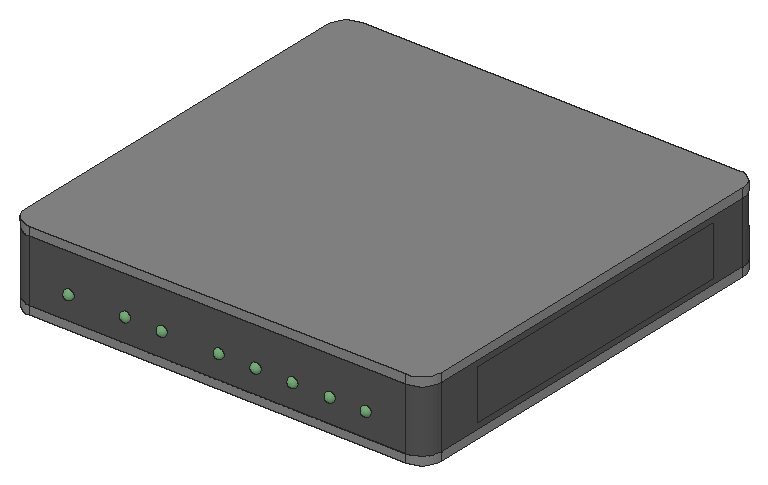
Revit family "Electronics_Expanders_Biamp_Tesira_TesiraCONNECT_Room-Connection-Device_TC___", category Communication Devices, host Face, Revit 2020
Family settings
  Host = Face
  Maintain Annotation Orientation = No
  Round Connector Dimension = Use Diameter
  Part Type = Normal
  OmniClass Number = 23.85.10.14
  OmniClass Title = Visual Information Systems
  Cut with Voids When Loaded = No
  Shared = No
  Room Calculation Point = No
Parameters (values of type "TC-5")
  Width = 0' - 5.7874"
  Weight = 1.50 lbf  # constant formula
  Voltage = 120 V
  URL = "https://www.biamp.com/"
  Temperature Range = "32 - 104° F (0 – 40° C)"  # constant formula
  Rotation [instance] = if(Nominal RMX 100 Rack Shelf, 90.00°, 0.00°)  # 0.00°
  RMX 100 Rack Shelf = RMX 100 Rack Shelf : RMX 100 Rack Shelf
  Product data url = "https://www.bimobject.com/biamp/product/tesiraconnect-tc-5_expander"
  Product Page URL = "https://www.biamp.com/products/tesira-expanders#tesiraconnect-tc-5"
  Product Documentation Link = "https://downloads.biamp.com/assets/docs/default-source/data-sheets/biamp_data_sheet_tesiraconnect_tc-5.pdf"
  Power Factor = 1
  Plenum Box 12x12 = Plenum Box 12x12 : Plenum Box 12x12
  Offset Tesira [instance] = if(Nominal Plenum Box 12x12, 0' 2 33/64", if(Nominal RMX 100 Rack Shelf, 0' 0 67/256", 0' 0"))  # 0' - 0"
  Offset RMX 2 [instance] = if(Nominal RMX 100 Rack Shelf, 0' 4 21/256" + 0' 4 25/32", 0' 0")  # 0' - 0"
  Offset RMX 1 [instance] = if(Nominal RMX 100 Rack Shelf, 0' 4 25/32", 0' 0")  # 0' - 0"
  Number of Poles = 1  # constant formula
  Nominal RMX 100 Rack Shelf [instance] = Mount Type = RMX 100 Rack Shelf  # no
  Nominal Plenum Box 12x12 [instance] = Mount Type = Plenum Box 12x12  # no
  Nominal No mount [instance] = Mount Type = No mount  # yes
  No mount = No mount : No mount
  Mount Type [instance] = No mount : No mount
  Model = "TesiraCONNECT - TC-5"
  Maximum Number of Supported Endpoints = "13"  # constant formula
  Maximum Number of Dante Channels = "n/a"
  Maximum Number of AVB Streams = "150"  # constant formula
  Maximum Daisychain Device Count = "4"  # constant formula
  Max Power Consumption = 132 W
  Manufacturer = "Biamp"  # constant formula
  Indicators - Rear Panel (per port) = "Link, Activity"  # constant formula
  Indicators - Front Panel = "Power, Device Status, Fault, Port Status (per port)"  # constant formula
  Humidity = "0-95% relative humidity (non-condensing)\r"  # constant formula
  Housing Material = Biamp - Plastic - Dark Gray
  Height = 0' - 1.10236"
  Device not visible in Box [instance] = if(Mount Type = No mount, Mount Type = No mount, Mount Type = RMX 100 Rack Shelf)  # yes
  Device = TesiraCONNECT_TC : TC-5
  Description = "TesiraCONNECT™ TC-5 Room Connection Device"
  Depth = 0' - 5.7874"
  Default Elevation = 4' - 0"
  Cooling = "Convection"  # constant formula
  Connector Description = "100-240VAC 50/60Hz"  # constant formula
  Connections - Supported IEEE Protocols = "802.1, 802.1at, 802.1w, 802.1AS, 802.1BA, 802.1Qav, 802.3ab, 802.3af, 803.3u"  # constant formula
  Connections - Supported Connection Speeds = "100Mbps, 1Gbps"  # constant formula
  Connections - Number of Ports = "5"  # constant formula
  Connections - Number of PoE+ Powered Ports = "4"  # constant formula
  Connections - Connector Type = "RJ-45"  # constant formula
  Compliance = "FCC Part 15B (USA) UL and C-UL listed (USA and Canada) CE Marked (Europe) RoHS Directive (Europe) Evaluated to the requirements of UL 2043 and is suitable for use in air handling spaces"  # constant formula
  Apparent Load = Max Power Consumption / Power Factor  # 132 VA
  Altitude = "0-6,600 ft (0-2000m) MSL"  # constant formula
Types (2): name | Product data url | Product Page URL | Product Documentation Link | Model | Maximum Number of Dante Channels | Device | Description
  TC-5 | "https://www.bimobject.com/biamp/product/tesiraconnect-tc-5_expander" | "https://www.biamp.com/products/tesira-expanders#tesiraconnect-tc-5" | "https://downloads.biamp.com/assets/docs/default-source/data-sheets/biamp_data_sheet_tesiraconnect_tc-5.pdf" | "TesiraCONNECT - TC-5" | "n/a" | TesiraCONNECT_TC : TC-5 | "TesiraCONNECT™ TC-5 Room Connection Device"
  TC-5D | "https://www.bimobject.com/biamp/product/tesiraconnect-tc-5d_expander" | "https://www.biamp.com/products/tesira-expanders#tesiraconnect-tc-5d" | "https://downloads.biamp.com/assets/docs/default-source/data-sheets/biamp_data_sheet_tesiraconnect_tc-5d.pdf" | "TesiraCONNECT - TC-5D" | "32x32" | TesiraCONNECT_TC : TC-5D | "TesiraCONNECT™ TC-5D Room Connection Device with Dante™"
Reference planes (in)
  plane 1 "Center (Front/Back)": y = 0
  plane 2: z = 0
  plane 3 "Center (Left/Right)": x = 0
  plane 4: x = -2.8937
  plane 5: x = 2.8937
  plane 6: y = 2.8937
  plane 7: y = -2.8937
  plane 8: z = 0.98425
  plane 9: z = 1.10236
  plane 10: y = 2.11387
  plane 11: y = -2.01396
  plane 12: z = 0
  plane 13: z = 1.13962
  plane 14: z = 0
Lines and regions (in)
  reference lines
    curve 1: line (-2.07082, 2.8937, 0) -> (-2.07082, 0.3937, 0)
Dimensions and locks (in)
  equal spacing: plane 4, plane 3 "Center (Left/Right)", plane 5
  "Depth": plane 4 to plane 5
  equal spacing: plane 6, plane 1 "Center (Front/Back)", plane 7
  "Width": plane 6 to plane 7
  "Height": plane 9 to plane 12
  locked: plane 9 to plane 8 at 0.11811
  "Offset Tesira": plane 12 to level
  "Offset RMX 2": plane 3 "Center (Left/Right)" to nested 2
  "Offset RMX 1": plane 3 "Center (Left/Right)" to nested 1
  "Rotation": angle curve 1 to plane 14
  aligned and locked: plane 2 to host face
  aligned and locked: level to host face
  aligned and locked: plane 14 to curve 1
  aligned and locked: plane 6 to curve 1
Automatic sketch dimensions
  host sketch curve to host sketch curve = 6' - 10.31852"
  host sketch curve to host sketch curve = 6' - 10.41867"
Nested families (in)
  nested 1: "TesiraCONNECT_TC" at (0, 0.00245, 0), Offset <- "Offset Tesira", type <- "Device", visible <- "Device not visible in Box", type "TC-5"
    with Offset 0' - 0"
  nested 2: "No mount" at (0, -2.65246, 0) x (-1, 0, 0) z (0, 0, 1), type <- "Mount Type", type "No mount"
Connectors (in)
  electrical at (1.99332, 2.89616, 0.56704)
    settings: on nested 1, index 1, voltage 0 V, apparent load 0 VA, apparent load phase1 0 VA, apparent load phase2 0 VA, apparent load phase3 0 VA, power factor 1, load classification "Other", number of poles 1, system type 5, power factor state 1, is connector primary yes, connector utility no, sub classification motor no, connector description "RJ-45"
  electrical at (0.97969, 2.89616, 0.57455)
    settings: on nested 1, index 2, voltage 0 V, apparent load 0 VA, apparent load phase1 0 VA, apparent load phase2 0 VA, apparent load phase3 0 VA, power factor 1, load classification "Other", number of poles 1, system type 5, power factor state 1, is connector primary no, connector utility no, sub classification motor no, connector description "RJ-45; PoE+ 2"
  electrical at (0.35784, 2.89616, 0.57455)
    settings: on nested 1, index 3, voltage 0 V, apparent load 0 VA, apparent load phase1 0 VA, apparent load phase2 0 VA, apparent load phase3 0 VA, power factor 1, load classification "Other", number of poles 1, system type 5, power factor state 1, is connector primary no, connector utility no, sub classification motor no, connector description "RJ-45; PoE+ 3"
  electrical at (-0.26216, 2.89616, 0.57455)
    settings: on nested 1, index 4, voltage 0 V, apparent load 0 VA, apparent load phase1 0 VA, apparent load phase2 0 VA, apparent load phase3 0 VA, power factor 1, load classification "Other", number of poles 1, system type 5, power factor state 1, is connector primary no, connector utility no, sub classification motor no, connector description "RJ-45; PoE+ 4"
  electrical at (-0.88426, 2.89616, 0.57455)
    settings: on nested 1, index 5, voltage 0 V, apparent load 0 VA, apparent load phase1 0 VA, apparent load phase2 0 VA, apparent load phase3 0 VA, power factor 1, load classification "Other", number of poles 1, system type 5, power factor state 1, is connector primary no, connector utility no, sub classification motor no, connector description "RJ-45; PoE+ 5"
  electrical at (-2.10951, 2.89616, 0.62844)
    settings: on nested 1, index 6, voltage 0 V, apparent load 0 VA, apparent load phase1 0 VA, apparent load phase2 0 VA, apparent load phase3 0 VA, power factor 1, load classification "Other", number of poles 1, system type 31, power factor state 1, is connector primary no, connector utility no, sub classification motor no, connector description "120W"
Definition of nested family "TesiraCONNECT_TC"
  Parameters (values of type "TC-5D")
    Width = 0' - 5.7874"
    Weight = 1.50 lbf  # constant formula
    URL = ""
    Total PoE Power Budget = "120W"  # constant formula
    Product Page URL = ""
    Product Documentation Link = ""
    Offset [instance] = 0' - 0.25092"
    Material Case = none
    Manufacturer = ""
    Height = 0' - 1.10236"
    Description = ""
    Depth = 0' - 5.7874"
    Default Elevation = 4' - 0"
  Types (2): name | URL | Product Page URL | Product Documentation Link | Offset | Manufacturer | Description
    TC-5D | "" | "" | "" | 0' - 0.25092" | "" | ""
    TC-5 | "https://www.biamp.com" | "https://www.biamp.com/products/tesira-expanders#tesiraconnect-tc-5" | "https://downloads.biamp.com/assets/docs/default-source/data-sheets/biamp_data_sheet_tesiraconnect_tc-5.pdf?sfvrsn=f983bf57_18" | 0' - 0" | "Biamp®" | "TesiraCONNECT™ TC-5 serves as the central connection point for all Biamp® devices in a conference room. It simplifies conferencing installations by providing power and media over a single category cable between devices such as Tesira AVB DSPs, USB extenders, PoE+ amplifiers, and microphones. Four of the five Gigabit RJ-45 ports provide PoE+ power (IEEE 802.3at Class 4, 30W) to connected endpoints, while the remaining RJ-45 port is used for DSP connection or daisychaining TesiraCONNECT devices together. TesiraCONNECT TC-5 eliminates the need for third-party switches; it works out-of-the box with Tesira products and does not require any device configuration. The small form factor allows it to be easily mounted to a wall or under a table, or placed above the ceiling or inside a credenza in the conference room."
  Reference planes (in)
    plane 1 "Center (Front/Back)": y = 0
    plane 2: z = 0
    plane 3 "Center (Left/Right)": x = 0
    plane 4: x = -2.8937
    plane 5: x = 2.8937
    plane 6: y = 2.8937
    plane 7: y = -2.8937
    plane 8: z = 1.23517
    plane 9: z = 1.35328
    plane 10: z = 0.36811
    plane 11: y = 2.77559
    plane 12: y = 2.11387
    plane 13: y = -2.01396
    plane 14: x = 2.81496
    plane 15: x = -2.81496
    plane 16: z = 0.25092
  Forms (in)
    Extrusion 1, solid
      sketch origin (0, 0, 0) x (1, 0, 0) y (0, 1, 0)
        loop
          line (-48, 48) -> (-48, -48) -> (48, -48) -> (48, 48) -> (-48, 48)
      from 0 to -12
    Extrusion 2, solid, detail levels fine
      sketch origin (0, 0, 0) x (1, 0, 0) y (0, 1, 0)
        loop
          arc (-2.61811, 2.8937) -> (-2.81298, 2.81298) -> (-2.8937, 2.61811) r 0.27559
          line (-2.8937, 2.61811) -> (-2.8937, -2.61811)
          arc (-2.8937, -2.61811) -> (-2.81298, -2.81298) -> (-2.61811, -2.8937) r 0.27559
          line (-2.61811, -2.8937) -> (2.61811, -2.8937)
          arc (2.61811, -2.8937) -> (2.81298, -2.81298) -> (2.8937, -2.61811) r 0.27559
          line (2.8937, -2.61811) -> (2.8937, 2.61811)
          arc (2.8937, 2.61811) -> (2.81298, 2.81298) -> (2.61811, 2.8937) r 0.27559
          line (2.61811, 2.8937) -> (-2.61811, 2.8937)
      from 0.36811 to 1.23517
    Extrusion 3, solid, material <- "Material Case", detail levels fine
      sketch origin (0, 0, 0) x (1, 0, 0) y (0, 1, 0)
        loop
          line (2.61811, 2.8937) -> (-2.61811, 2.8937)
          arc (-2.61811, 2.8937) -> (-2.81298, 2.81298) -> (-2.8937, 2.61811) r 0.27559
          line (-2.8937, 2.61811) -> (-2.8937, -2.61811)
          arc (-2.8937, -2.61811) -> (-2.81298, -2.81298) -> (-2.61811, -2.8937) r 0.27559
          line (-2.61811, -2.8937) -> (2.61811, -2.8937)
          arc (2.61811, -2.8937) -> (2.81298, -2.81298) -> (2.8937, -2.61811) r 0.27559
          line (2.8937, -2.61811) -> (2.8937, 2.61811)
          arc (2.8937, 2.61811) -> (2.81298, 2.81298) -> (2.61811, 2.8937) r 0.27559
      from 1.23517 to 1.35328
    Extrusion 4, solid, material <- "Material Case", detail levels fine
      sketch origin (0, 0, 0) x (1, 0, 0) y (0, 1, 0)
        loop
          line (2.61811, 2.8937) -> (-2.61811, 2.8937)
          arc (-2.61811, 2.8937) -> (-2.81298, 2.81298) -> (-2.8937, 2.61811) r 0.27559
          line (-2.8937, 2.61811) -> (-2.8937, -2.61811)
          arc (-2.8937, -2.61811) -> (-2.81298, -2.81298) -> (-2.61811, -2.8937) r 0.27559
          line (-2.61811, -2.8937) -> (2.61811, -2.8937)
          arc (2.61811, -2.8937) -> (2.81298, -2.81298) -> (2.8937, -2.61811) r 0.27559
          line (2.8937, -2.61811) -> (2.8937, 2.61811)
          arc (2.8937, 2.61811) -> (2.81298, 2.81298) -> (2.61811, 2.8937) r 0.27559
      from 0.25092 to 0.36811
    Extrusion 5, void
      sketch origin (0, 0, 0) x (1, 0, 0) y (0, 0, 1)
        loop
          line (2.34243, 1.10656) -> (1.6442, 1.10656) -> (1.6442, 0.52937) -> (2.34243, 0.52937) -> (2.34243, 1.10656)
        loop
          line (1.27876, 1.09037) -> (0.68063, 1.09037) -> (0.68063, 0.56058) -> (1.27876, 0.56058) -> (1.27876, 1.09037)
        loop
          line (0.65691, 1.09037) -> (0.05878, 1.09037) -> (0.05878, 0.56058) -> (0.65691, 0.56058) -> (0.65691, 1.09037)
        loop
          line (0.03691, 1.09037) -> (-0.56122, 1.09037) -> (-0.56122, 0.56058) -> (0.03691, 0.56058) -> (0.03691, 1.09037)
        loop
          line (-0.58519, 1.09037) -> (-1.18332, 1.09037) -> (-1.18332, 0.56058) -> (-0.58519, 0.56058) -> (-0.58519, 1.09037)
        loop
          circle (-1.721, 0.70443) r 0.06524
        loop
          line (-1.8664, 1.12811) -> (-2.35262, 1.12811) -> (-2.35262, 0.63062) -> (-1.8664, 0.63062) -> (-1.8664, 1.12811)
      from -2.77559 to -2.8937
    Revolve 6, solid, detail levels fine
      sketch origin (-2.07082, 0, 0.19531) x (0, 0, 1) y (0, -1, 0)
        loop
          arc (0.57096, 2.8937) -> (0.50711, 2.95755) -> (0.44325, 2.8937) r 0.06385
          line (0.44325, 2.8937) -> (0.57096, 2.8937)
        axis (0.57096, 2.8937) -> (0.44325, 2.8937)
      angle from 270 to 450
    Revolve 7, solid, detail levels fine
      sketch origin (-1.28342, 0, 0.19531) x (0, 0, 1) y (0, -1, 0)
        loop
          arc (0.57096, 2.8937) -> (0.50711, 2.95755) -> (0.44325, 2.8937) r 0.06385
          line (0.44325, 2.8937) -> (0.57096, 2.8937)
        axis (0.57096, 2.8937) -> (0.44325, 2.8937)
      angle from 270 to 450
    Revolve 8, solid, detail levels fine
      sketch origin (-0.77476, 0, 0.19531) x (0, 0, 1) y (0, -1, 0)
        loop
          arc (0.57096, 2.8937) -> (0.50711, 2.95755) -> (0.44325, 2.8937) r 0.06385
          line (0.44325, 2.8937) -> (0.57096, 2.8937)
        axis (0.57096, 2.8937) -> (0.44325, 2.8937)
      angle from 270 to 450
    Revolve 9, solid, detail levels fine
      sketch origin (0.01845, 0, 0.19531) x (0, 0, 1) y (0, -1, 0)
        loop
          arc (0.57096, 2.8937) -> (0.50711, 2.95755) -> (0.44325, 2.8937) r 0.06385
          line (0.44325, 2.8937) -> (0.57096, 2.8937)
        axis (0.57096, 2.8937) -> (0.44325, 2.8937)
      angle from 270 to 450
    Revolve 10, solid, detail levels fine
      sketch origin (0.53077, 0, 0.19531) x (0, 0, 1) y (0, -1, 0)
        loop
          arc (0.57096, 2.8937) -> (0.50711, 2.95755) -> (0.44325, 2.8937) r 0.06385
          line (0.44325, 2.8937) -> (0.57096, 2.8937)
        axis (0.57096, 2.8937) -> (0.44325, 2.8937)
      angle from 270 to 450
    Revolve 11, solid, detail levels fine
      sketch origin (1.04341, 0, 0.19531) x (0, 0, 1) y (0, -1, 0)
        loop
          arc (0.57096, 2.8937) -> (0.50711, 2.95755) -> (0.44325, 2.8937) r 0.06385
          line (0.44325, 2.8937) -> (0.57096, 2.8937)
        axis (0.57096, 2.8937) -> (0.44325, 2.8937)
      angle from 270 to 450
    Revolve 12, solid, detail levels fine
      sketch origin (2.06393, 0, 0.19531) x (0, 0, 1) y (0, -1, 0)
        loop
          arc (0.57096, 2.8937) -> (0.50711, 2.95755) -> (0.44325, 2.8937) r 0.06385
          line (0.44325, 2.8937) -> (0.57096, 2.8937)
        axis (0.57096, 2.8937) -> (0.44325, 2.8937)
      angle from 270 to 450
    Revolve 13, solid, detail levels fine
      sketch origin (1.56192, 0, 0.19531) x (0, 0, 1) y (0, -1, 0)
        loop
          arc (0.57096, 2.8937) -> (0.50711, 2.95755) -> (0.44325, 2.8937) r 0.06385
          line (0.44325, 2.8937) -> (0.57096, 2.8937)
        axis (0.57096, 2.8937) -> (0.44325, 2.8937)
      angle from 270 to 450
    Extrusion 14, void
      sketch origin (-2.07082, 0, 0) x (0, 0, 1) y (0, -1, 0)
        loop
          line (1.15643, -2.11387) -> (1.15643, 2.01396) -> (0.44685, 2.01396) -> (0.44685, -2.11387) -> (1.15643, -2.11387)
      from 4.88578 to 4.96452
    Extrusion 15, solid, detail levels fine
      sketch origin (-2.07082, 0, 0) x (0, 0, 1) y (0, -1, 0)
        loop
          line (1.15643, -2.11387) -> (1.15643, 2.01396) -> (0.44685, 2.01396) -> (0.44685, -2.11387) -> (1.15643, -2.11387)
      from 4.88578 to 4.96452
    Extrusion 16, void, detail levels fine
      sketch origin (-2.07082, 0, 0) x (0, 0, 1) y (0, -1, 0)
        loop
          line (1.15643, 2.01396) -> (0.44685, 2.01396) -> (0.44685, -2.11387) -> (1.15643, -2.11387) -> (1.15643, 2.01396)
      from -0.82288 to -0.74414
    Extrusion 17, solid, detail levels fine
      sketch origin (-2.07082, 0, 0) x (0, 0, 1) y (0, -1, 0)
        loop
          line (1.15643, -2.11387) -> (1.15643, 2.01396) -> (0.44685, 2.01396) -> (0.44685, -2.11387) -> (1.15643, -2.11387)
      from -0.82288 to -0.74414
    Extrusion 18, solid, material <- "Material Case", detail levels medium
      sketch origin (0, 0, 0) x (1, 0, 0) y (0, 1, 0)
        loop
          arc (-2.61811, 2.8937) -> (-2.81298, 2.81298) -> (-2.8937, 2.61811) r 0.27559
          line (-2.8937, 2.61811) -> (-2.8937, -2.61811)
          arc (-2.8937, -2.61811) -> (-2.81298, -2.81298) -> (-2.61811, -2.8937) r 0.27559
          line (-2.61811, -2.8937) -> (2.61811, -2.8937)
          arc (2.61811, -2.8937) -> (2.81298, -2.81298) -> (2.8937, -2.61811) r 0.27559
          line (2.8937, -2.61811) -> (2.8937, 2.61811)
          arc (2.8937, 2.61811) -> (2.81298, 2.81298) -> (2.61811, 2.8937) r 0.27559
          line (2.61811, 2.8937) -> (-2.61811, 2.8937)
      from 0.25092 to 1.35328
    Extrusion 19, solid, material <- "Material Case", detail levels coarse
      sketch origin (0, 0, 0) x (1, 0, 0) y (0, 1, 0)
        loop
          line (-2.8937, 2.8937) -> (-2.8937, -2.8937) -> (2.8937, -2.8937) -> (2.8937, 2.8937) -> (-2.8937, 2.8937)
      from 0.25092 to 1.35328
  Cuts and joins
    Extrusion 5, Extrusion 14, Extrusion 16 cuts Extrusion 2
    Extrusion 16 cuts Extrusion 15
  Lines and regions (in)
    Masking region 1, detail levels medium+fine
      outline origin (0, 0, 0) x (1, 0, 0) y (0, 1, 0)
        loop
          arc (-2.8937, -2.61811) -> (-2.81298, -2.81298) -> (-2.61811, -2.8937) r 0.27559
          line (-2.61811, -2.8937) -> (2.61811, -2.8937)
          arc (2.61811, -2.8937) -> (2.81298, -2.81298) -> (2.8937, -2.61811) r 0.27559
          line (2.8937, -2.61811) -> (2.8937, 2.61811)
          arc (2.8937, 2.61811) -> (2.81298, 2.81298) -> (2.61811, 2.8937) r 0.27559
          line (2.61811, 2.8937) -> (-2.61811, 2.8937)
          arc (-2.61811, 2.8937) -> (-2.81298, 2.81298) -> (-2.8937, 2.61811) r 0.27559
          line (-2.8937, 2.61811) -> (-2.8937, -2.61811)
    Masking region 2, detail levels coarse
      outline origin (0, 0, 0) x (1, 0, 0) y (0, 1, 0)
        loop
          line (-2.8937, -2.8937) -> (2.8937, -2.8937) -> (2.8937, 2.8937) -> (-2.8937, 2.8937) -> (-2.8937, -2.8937)
    Masking region 3, detail levels medium+fine
      outline origin (0, 0, 0) x (1, 0, 0) y (0, 1, 0)
        loop
          arc (-2.13468, -2.8937) -> (-2.07082, -2.95755) -> (-2.00697, -2.8937) r 0.06385
          line (-2.00697, -2.8937) -> (-2.13468, -2.8937)
        loop
          arc (-1.34728, -2.8937) -> (-1.28342, -2.95755) -> (-1.21957, -2.8937) r 0.06385
          line (-1.21957, -2.8937) -> (-1.34728, -2.8937)
        loop
          arc (-0.83861, -2.8937) -> (-0.77476, -2.95755) -> (-0.71091, -2.8937) r 0.06385
          line (-0.71091, -2.8937) -> (-0.83861, -2.8937)
        loop
          arc (-0.0454, -2.8937) -> (0.01845, -2.95755) -> (0.08231, -2.8937) r 0.06385
          line (0.08231, -2.8937) -> (-0.0454, -2.8937)
        loop
          arc (0.46692, -2.8937) -> (0.53077, -2.95755) -> (0.59463, -2.8937) r 0.06385
          line (0.59463, -2.8937) -> (0.46692, -2.8937)
        loop
          arc (0.97955, -2.8937) -> (1.04341, -2.95755) -> (1.10726, -2.8937) r 0.06385
          line (1.10726, -2.8937) -> (0.97955, -2.8937)
        loop
          arc (1.49807, -2.8937) -> (1.56192, -2.95755) -> (1.62578, -2.8937) r 0.06385
          line (1.62578, -2.8937) -> (1.49807, -2.8937)
        loop
          arc (2.00008, -2.8937) -> (2.06393, -2.95755) -> (2.12779, -2.8937) r 0.06385
          line (2.12779, -2.8937) -> (2.00008, -2.8937)
  Dimensions and locks (in)
    equal spacing: plane 4, plane 3 "Center (Left/Right)", plane 5
    "Depth": plane 4 to plane 5
    equal spacing: plane 6, plane 1 "Center (Front/Back)", plane 7
    "Width": plane 6 to plane 7
    "Height": plane 9 to plane 16
    plane 7 to plane 11 = 0' - 5.66929"
    plane 6 to plane 11 = 0' - 0.11811"
    locked: plane 9 to plane 8 at 0.11811
    locked: plane 10 to plane 16 at 0.11719
    "Offset": plane 16 to level
    aligned and locked: plane 2 to Extrusion 1
    aligned and locked: level to Extrusion 1
    aligned and locked: Extrusion 2 sketch curve to plane 6
    aligned and locked: plane 4 to Extrusion 2 sketch curve
    aligned and locked: Extrusion 2 sketch curve to plane 7
    aligned and locked: plane 5 to Extrusion 2 sketch curve
    aligned and locked: plane 8 to Extrusion 2
    aligned and locked: plane 6 to Extrusion 3 sketch curve
    aligned and locked: Extrusion 3 sketch curve to plane 5
    aligned and locked: plane 7 to Extrusion 3 sketch curve
    aligned and locked: Extrusion 3 sketch curve to plane 4
    aligned and locked: Extrusion 3 to plane 8
    aligned and locked: plane 9 to Extrusion 3
    aligned and locked: Extrusion 2 to plane 10
    aligned and locked: plane 6 to Extrusion 4 sketch curve
    aligned and locked: Extrusion 4 sketch curve to plane 4
    aligned and locked: Extrusion 4 sketch curve to plane 5
    aligned and locked: plane 7 to Extrusion 4 sketch curve
    aligned and locked: plane 10 to Extrusion 4
    aligned and locked: plane 11 to cut or joined group of Extrusion 2, Extrusion 5, Extrusion 14, Extrusion 16
    aligned and locked: plane 6 to cut or joined group of Extrusion 2, Extrusion 5, Extrusion 14, Extrusion 16
    aligned and locked: cut or joined group of Extrusion 2, Extrusion 5, Extrusion 14, Extrusion 16 to plane 5
    aligned and locked: cut or joined group of Extrusion 2, Extrusion 5, Extrusion 14, Extrusion 16 to plane 14
    aligned and locked: Extrusion 15 to plane 5
    aligned and locked: Extrusion 15 to plane 14
    aligned and locked: cut or joined group of Extrusion 2, Extrusion 5, Extrusion 14, Extrusion 16 to plane 4
    aligned and locked: plane 15 to cut or joined group of Extrusion 2, Extrusion 5, Extrusion 14, Extrusion 16
    aligned and locked: Extrusion 17 to plane 4
    aligned and locked: plane 15 to Extrusion 17
    aligned and locked: Extrusion 18 sketch curve to plane 6
    aligned and locked: plane 4 to Extrusion 18 sketch curve
    aligned and locked: Extrusion 18 sketch curve to plane 7
    aligned and locked: plane 5 to Extrusion 18 sketch curve
    aligned and locked: plane 9 to Extrusion 18
    aligned and locked: Extrusion 19 sketch curve to plane 6
    aligned and locked: plane 4 to Extrusion 19 sketch curve
    aligned and locked: Extrusion 19 sketch curve to plane 7
    aligned and locked: plane 5 to Extrusion 19 sketch curve
    aligned and locked: plane 9 to Extrusion 19
    aligned and locked: plane 6 to Extrusion 18
    aligned and locked: Extrusion 18 to plane 5
    aligned and locked: plane 7 to Extrusion 18
    aligned and locked: Extrusion 18 to plane 4
    aligned and locked: plane 6 to Extrusion 3
    aligned and locked: Extrusion 3 to plane 5
    aligned and locked: plane 7 to Extrusion 3
    aligned and locked: Extrusion 3 to plane 4
    aligned and locked: plane 16 to Extrusion 4
    aligned and locked: Extrusion 18 to plane 16
    aligned and locked: Extrusion 19 to plane 16
  Automatic sketch dimensions
    Extrusion 1 sketch curve to Extrusion 1 sketch curve = 8' - 0"  (x2)
    plane 4 to Extrusion 2 sketch curve = 0' - 0.27559"  (x2)
    Extrusion 2 sketch curve to Extrusion 2 sketch curve = 0' - 0.27559"
    Extrusion 2 sketch curve to plane 11 = 0' - 0.15748"
    plane 4 to Extrusion 3 sketch curve = 0' - 0.27559"  (x2)
    plane 5 to Extrusion 3 sketch curve = 0' - 0.27559"  (x2)
    plane 4 to Extrusion 4 sketch curve = 0' - 0.27559"  (x2)
    plane 5 to Extrusion 4 sketch curve = 0' - 0.27559"  (x2)
    Extrusion 5 sketch curve to plane 8 = 0' - 0.10707"
    Extrusion 5 sketch curve to Extrusion 5 sketch curve = 0' - 0.14539"
    plane 10 to Extrusion 5 sketch curve = 0' - 0.19247"  (x3)
    Extrusion 5 sketch curve to Extrusion 5 sketch curve = 0' - 0.53768"
    Extrusion 5 sketch curve to plane 3 "Center (Left/Right)" = 0' - 0.58519"
    Extrusion 5 sketch curve to Extrusion 5 sketch curve = 0' - 0.02397"
    plane 3 "Center (Left/Right)" to Extrusion 5 sketch curve = 0' - 0.03691"
    Extrusion 5 sketch curve to Extrusion 5 sketch curve = 0' - 0.02187"
    Extrusion 5 sketch curve to Extrusion 5 sketch curve = 0' - 0.59813"  (x3)
    Extrusion 5 sketch curve to Extrusion 5 sketch curve = 0' - 0.02372"
    Extrusion 5 sketch curve to plane 8 = 0' - 0.12862"
    Extrusion 5 sketch curve to Extrusion 5 sketch curve = 0' - 0.36545"
    plane 10 to Extrusion 5 sketch curve = 0' - 0.16126"
    plane 5 to Extrusion 5 sketch curve = 0' - 0.55127"
    Extrusion 5 sketch curve to Extrusion 5 sketch curve = 0' - 0"  (x4)
    plane 10 to Extrusion 5 sketch curve = 0' - 0.26251"
    Extrusion 5 sketch curve to Extrusion 5 sketch curve = 0' - 0.07381"
    Extrusion 5 sketch curve to plane 8 = 0' - 0.14481"
    Revolve 6 sketch curve to plane 7 = 0' - 0"  (x2)
    plane 10 to Revolve 6 sketch curve = 0' - 0.27045"
    Revolve 6 sketch curve to Revolve 6 sketch curve = 0' - 0.06385"
    Revolve 6 sketch curve to Revolve 6 sketch curve = 0' - 0.027"
    Revolve 6 sketch curve to Revolve 6 sketch curve = 0' - 0.01689"
    Revolve 7 sketch curve to plane 7 = 0' - 0"  (x2)
    plane 10 to Revolve 7 sketch curve = 0' - 0.27045"
    Revolve 7 sketch curve to Revolve 7 sketch curve = 0' - 0.06385"
    Revolve 7 sketch curve to Revolve 7 sketch curve = 0' - 0.027"
    Revolve 7 sketch curve to Revolve 7 sketch curve = 0' - 0.01689"
    Revolve 8 sketch curve to plane 7 = 0' - 0"  (x2)
    plane 10 to Revolve 8 sketch curve = 0' - 0.27045"
    Revolve 8 sketch curve to Revolve 8 sketch curve = 0' - 0.06385"
    Revolve 8 sketch curve to Revolve 8 sketch curve = 0' - 0.027"
    Revolve 8 sketch curve to Revolve 8 sketch curve = 0' - 0.01689"
    Revolve 9 sketch curve to plane 7 = 0' - 0"  (x2)
    plane 10 to Revolve 9 sketch curve = 0' - 0.27045"
    Revolve 9 sketch curve to Revolve 9 sketch curve = 0' - 0.06385"
    Revolve 9 sketch curve to Revolve 9 sketch curve = 0' - 0.027"
    Revolve 9 sketch curve to Revolve 9 sketch curve = 0' - 0.01689"
    Revolve 10 sketch curve to plane 7 = 0' - 0"  (x2)
    plane 10 to Revolve 10 sketch curve = 0' - 0.27045"
    Revolve 10 sketch curve to Revolve 10 sketch curve = 0' - 0.06385"
    Revolve 10 sketch curve to Revolve 10 sketch curve = 0' - 0.027"
    Revolve 10 sketch curve to Revolve 10 sketch curve = 0' - 0.01689"
    Revolve 11 sketch curve to plane 7 = 0' - 0"  (x2)
    plane 10 to Revolve 11 sketch curve = 0' - 0.27045"
    Revolve 11 sketch curve to Revolve 11 sketch curve = 0' - 0.06385"
    Revolve 11 sketch curve to Revolve 11 sketch curve = 0' - 0.027"
    Revolve 11 sketch curve to Revolve 11 sketch curve = 0' - 0.01689"
    Revolve 12 sketch curve to plane 7 = 0' - 0"  (x2)
    plane 10 to Revolve 12 sketch curve = 0' - 0.27045"
    Revolve 12 sketch curve to Revolve 12 sketch curve = 0' - 0.06385"
    Revolve 12 sketch curve to Revolve 12 sketch curve = 0' - 0.027"
    Revolve 12 sketch curve to Revolve 12 sketch curve = 0' - 0.01689"
    Revolve 13 sketch curve to plane 7 = 0' - 0"  (x2)
    plane 10 to Revolve 13 sketch curve = 0' - 0.27045"
    Revolve 13 sketch curve to Revolve 13 sketch curve = 0' - 0.06385"
    Revolve 13 sketch curve to Revolve 13 sketch curve = 0' - 0.027"
    Revolve 13 sketch curve to Revolve 13 sketch curve = 0' - 0.01689"
    Extrusion 5 sketch curve to Extrusion 5 sketch curve = 0' - 0.48622"
    Extrusion 14 sketch curve to plane 12 = 0' - 0"
    Extrusion 14 sketch curve to plane 13 = 0' - 0"
    Extrusion 14 sketch curve to plane 8 = 0' - 0.07874"
    plane 10 to Extrusion 14 sketch curve = 0' - 0.07874"
    Extrusion 15 sketch curve to plane 12 = 0' - 0"
    Extrusion 15 sketch curve to plane 13 = 0' - 0"
    plane 10 to Extrusion 15 sketch curve = 0' - 0.07874"
    Extrusion 15 sketch curve to plane 8 = 0' - 0.07874"
    Extrusion 16 sketch curve to plane 13 = 0' - 0"
    Extrusion 16 sketch curve to plane 12 = 0' - 0"
    plane 10 to Extrusion 16 sketch curve = 0' - 0.07874"
    Extrusion 16 sketch curve to plane 8 = 0' - 0.07874"
    Extrusion 17 sketch curve to plane 12 = 0' - 0"
    Extrusion 17 sketch curve to plane 13 = 0' - 0"
    plane 10 to Extrusion 17 sketch curve = 0' - 0.07874"
    Extrusion 17 sketch curve to plane 8 = 0' - 0.07874"
    Extrusion 18 sketch curve to plane 12 = 0' - 0.50424"
    Extrusion 18 sketch curve to plane 13 = 0' - 0.60415"  (x2)
    Extrusion 18 sketch curve to plane 11 = 0' - 0.15748"
    Masking region 1 sketch curve to plane 4 = 0' - 0"
    plane 7 to Masking region 1 sketch curve = 0' - 0"
    plane 15 to Masking region 1 sketch curve = 0' - 0.19685"
    Masking region 1 sketch curve to plane 11 = 0' - 0.15748"  (x2)
    Masking region 1 sketch curve to plane 14 = 0' - 0.19685"
    Masking region 1 sketch curve to plane 5 = 0' - 0"
    Masking region 1 sketch curve to plane 6 = 0' - 0"
    Masking region 2 sketch curve to plane 4 = 0' - 0"
    Masking region 2 sketch curve to plane 5 = 0' - 0"
    plane 7 to Masking region 2 sketch curve = 0' - 0"
    Masking region 2 sketch curve to plane 6 = 0' - 0"
    plane 7 to Masking region 3 sketch curve = 0' - 0"  (x8)
    plane 15 to Masking region 3 sketch curve = 0' - 0.68028"
    Masking region 3 sketch curve to Masking region 3 sketch curve = 0' - 0.06385"  (x7)
    Masking region 3 sketch curve to Masking region 3 sketch curve = 0' - 0.65969"
    Masking region 3 sketch curve to Masking region 3 sketch curve = 0' - 0.38095"
    Masking region 3 sketch curve to plane 3 "Center (Left/Right)" = 0' - 0.0454"
    plane 3 "Center (Left/Right)" to Masking region 3 sketch curve = 0' - 0.01845"
    Masking region 3 sketch curve to Masking region 3 sketch curve = 0' - 0.38461"
    Masking region 3 sketch curve to Masking region 3 sketch curve = 0' - 0.38493"
    Masking region 3 sketch curve to Masking region 3 sketch curve = 0' - 0.3908"
    Masking region 3 sketch curve to Masking region 3 sketch curve = 0' - 0.3743"
    radius of Extrusion 5 sketch curve = 0' - 0.06524"
Definition of nested family "No mount"
  Parameters (values of type "No mount")
    Material Plenum Box = none
    Height = 1' - 0"
  Reference planes (in)
    plane 1 "Center (Front/Back)": y = 0
    plane 2: z = 0
    plane 3 "Center (Left/Right)": x = 0
    plane 4: x = -6
    plane 5: x = 6
    plane 6: y = 6
    plane 7: y = -6
    plane 8: z = 4.11483
    plane 9: z = 4.6
    plane 10: y = 4.65
    plane 11: y = -4.65
    plane 12: x = -4.525
    plane 13: x = 4.525
  Dimensions and locks (in)
    equal spacing: plane 4, plane 3 "Center (Left/Right)", plane 5
    equal spacing: plane 6, plane 1 "Center (Front/Back)", plane 7
    plane 4 to plane 5 = 1' - 0"
    "Height": plane 6 to plane 7
    plane 8 to level = 0' - 4.11483"
    plane 9 to plane 8 = 0' - 0.48517"
    equal spacing: plane 10, plane 1 "Center (Front/Back)", plane 11
    equal spacing: plane 12, plane 3 "Center (Left/Right)", plane 13
    aligned and locked: plane 2 to level
